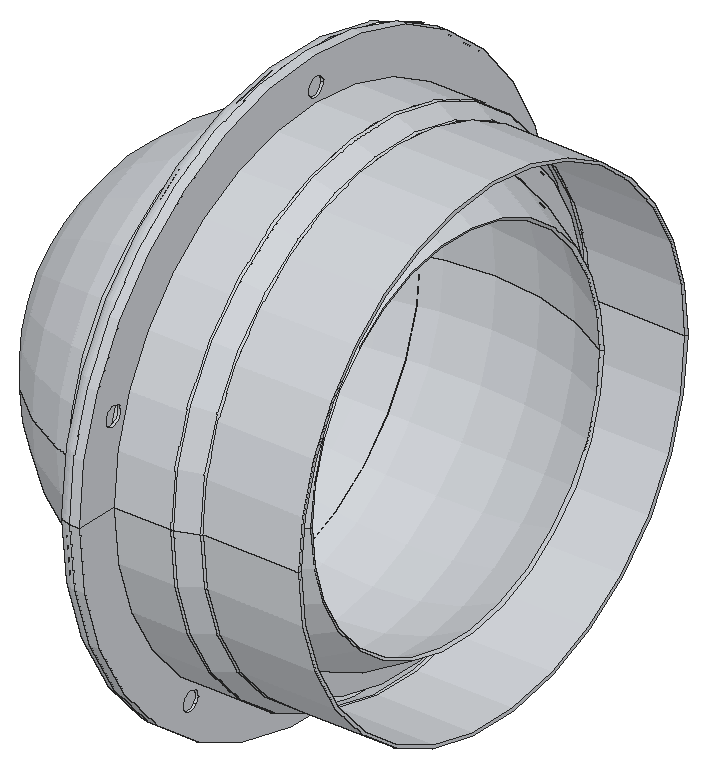
Revit family "05121_KRMM", category Air Terminals, Revit 2012
Parameters (values of type "Diámetro 06"")
  Visible_Texto = or(or(Medida_Requerida < 6", Medida_Requerida > 20"), not(or(Medida_Requerida = 6", Medida_Requerida = 8", Medida_Requerida = 10", Medida_Requerida = 12", Medida_Requerida = 14", Medida_Requerida = 16", Medida_Requerida = 18", Medida_Requerida = 20")))  # no
  Var1 = roundup(Medida_Requerida / 2") * 2  # 6
  URL = "https://www.innes.com.mx"
  Type Comments = "Tipo tobera"
  Tipo de Cuello = "Redondo"
  Posición de Instalación = "Muro/Techo"
  Nota1 = if(Medida_Requerida < 6", "Tamaño por debajo del valor mínimo de 6 in", if(Medida_Requerida > 20", "Tamaño excede el valor máximo de 20 in", if(not(or(Medida_Requerida = 6", Medida_Requerida = 8", Medida_Requerida = 10", Medida_Requerida = 12", Medida_Requerida = 14", Medida_Requerida = 16", Medida_Requerida = 18", Medida_Requerida = 20")), "Tamaño no Válido. Seleccione Tamaño del menu desplegable", ".")))  # "."
  Model = "KRMM"
  Medida_Requerida = 6"
  VarA = if((Var1 * 1") = 6", 6 1/4", if((Var1 * 1") = 8", 8 1/4", if((Var1 * 1") = 10", 10 1/4", if((Var1 * 1") = 12", 12 1/4", if((Var1 * 1") = 14", 12 1/4", if((Var1 * 1") = 16", 16 1/4", if((Var1 * 1") = 18", 20 1/4", if((Var1 * 1") = 20", 20 1/4", 6 1/4"))))))))  # 6 1/4"
  Material = "Aluminio"
  Manufacturer = "INNES"
  Función = "Inyección"
  Description = "Difusor de Largo alcance"
  Cuello Mín-Máx. = "6 a 20\" en incrementos de 2\"."
  Conect = VarA / 2  # 3 1/8"
Types (9): name | Var1 | Medida_Requerida | VarA | Conect
  (no name) | 6 | 6" | 6 1/4" | 3 1/8"
  Diámetro 06" | 6 | 6" | 6 1/4" | 3 1/8"
  Diámetro 08" | 8 | 8" | 8 1/4" | 4 1/8"
  Diámetro 10" | 10 | 10" | 10 1/4" | 5 1/8"
  Diámetro 12" | 12 | 12" | 12 1/4" | 6 1/8"
  Diámetro 14" | 14 | 14" | 12 1/4" | 6 1/8"
  Diámetro 16" | 16 | 16" | 16 1/4" | 8 1/8"
  Diametro 18" | 18 | 18" | 20 1/4" | 10 1/8"
  Diámetro 20" | 20 | 20" | 20 1/4" | 10 1/8"
Reference planes (in)
  plane 1 "Center (Front/Back)": y = 0
  plane 2: z = 0
  plane 3 "Center (Left/Right)": x = 0
Dimensions and locks (in)
  aligned and locked: plane 3 "Center (Left/Right)" to nested 1
Nested families (in)
  nested 1: "KRMM" at (-4.93, 0, 0), type "Diámetro 06""
    with Var5 1/4", Var4 11/64", Var3 27/32", Var2 229/256", Var1 6, Radio_Barre 3.425", Medida_Requerida 6", Cota_F 7.59", Cota_E 6 1/4", Cota_D 2.28", Cota_C 4.93", Cota_B 2.88", Cota_A 6.85"
  nested 2: "Texto_KRMM" at (-47.96753, -27.542, 0) x (0, -1, 0) z (0, 0, 1), type "texto"
    with Visible_Texto no
Connectors (in)
  hvac at (0, 0, 0), driven by "Conect"
    settings: index 1, duct flow 0.0 L/s, flow factor 0, pres drop 0.0 Pa, loss coef 0, conn angle 0.00°, conn width 304.8 mm, conn height 304.8 mm, conn radius 79.375 mm, duct sys type 1, conn prof type 0, flow config 0, flow direction 0, loss method 0, conn ref index -1, conn util no, is conn primary yes, conn desc ""
Definition of nested family "KRMM"
  Parameters (values of type "Tamaño 12"")
    Var5 = if((Var1 * 1") = 6", 1/4", if((Var1 * 1") = 8", 11/16", if((Var1 * 1") = 10", 5/16", if((Var1 * 1") = 12", 7/16", if((Var1 * 1") = 14", 1 5/16", if((Var1 * 1") = 16", 1/2", if((Var1 * 1") = 18", 1 1/4", if((Var1 * 1") = 20", 3/16", 1/4"))))))))  # 7/16"
    Var4 = if((Var1 * 1") = 6", 11/64", if((Var1 * 1") = 8", 5/16", if((Var1 * 1") = 10", 1/8", if((Var1 * 1") = 12", 1/4", if((Var1 * 1") = 14", 3/16", if((Var1 * 1") = 16", 1/4", if((Var1 * 1") = 18", 1", if((Var1 * 1") = 20", 5/16", 11/64"))))))))  # 1/4"
    Var3 = if((Var1 * 1") = 6", 27/32", if((Var1 * 1") = 8", 7/8", if((Var1 * 1") = 10", 1 45/128", if((Var1 * 1") = 12", 1 51/256", if((Var1 * 1") = 14", 1 1/8", if((Var1 * 1") = 16", 1 1/2", if((Var1 * 1") = 18", 1", if((Var1 * 1") = 20", 5/8", 27/32"))))))))  # 1 51/256"
    Var2 = if((Var1 * 1") = 6", 229/256", if((Var1 * 1") = 8", 229/256", if((Var1 * 1") = 10", 1 77/256", if((Var1 * 1") = 12", 1 51/256", if((Var1 * 1") = 14", 1 1/16", if((Var1 * 1") = 16", 1 1/2", if((Var1 * 1") = 18", 1", if((Var1 * 1") = 20", 5/8", 229/256"))))))))  # 1 51/256"
    Var1 = roundup(Medida_Requerida / 2") * 2  # 12
    Radio_Barre = Cota_A / 2  # 6.695"
    Medida_Requerida = 12"
    Cota_F = if((Var1 * 1") = 6", 7.59", if((Var1 * 1") = 8", 9.81", if((Var1 * 1") = 10", 12.72", if((Var1 * 1") = 12", 14.31", if((Var1 * 1") = 14", 14.31", if((Var1 * 1") = 16", 18 3/4", if((Var1 * 1") = 18", 21.13", if((Var1 * 1") = 20", 21.12", 7.59"))))))))  # 14.31"
    Cota_E = if((Var1 * 1") = 6", 6 1/4", if((Var1 * 1") = 8", 8 1/4", if((Var1 * 1") = 10", 10 1/4", if((Var1 * 1") = 12", 12 1/4", if((Var1 * 1") = 14", 12 1/4", if((Var1 * 1") = 16", 16 1/4", if((Var1 * 1") = 18", 20 1/4", if((Var1 * 1") = 20", 20 1/4", 6 1/4"))))))))  # 12 1/4"
    Cota_D = if((Var1 * 1") = 6", 2.28", if((Var1 * 1") = 8", 2 1/2", if((Var1 * 1") = 10", 3 3/4", if((Var1 * 1") = 12", 4.47", if((Var1 * 1") = 14", 4.47", if((Var1 * 1") = 16", 5.41", if((Var1 * 1") = 18", 5 3/4", if((Var1 * 1") = 20", 5 3/4", 2.28"))))))))  # 4.47"
    Cota_C = if((Var1 * 1") = 6", 4.93", if((Var1 * 1") = 8", 6.39", if((Var1 * 1") = 10", 8.69", if((Var1 * 1") = 12", 9.86", if((Var1 * 1") = 14", 9.37", if((Var1 * 1") = 16", 12.71", if((Var1 * 1") = 18", 13.92", if((Var1 * 1") = 20", 13", 4.93"))))))))  # 9.86"
    Cota_B = if((Var1 * 1") = 6", 2.88", if((Var1 * 1") = 8", 3.89", if((Var1 * 1") = 10", 5.53", if((Var1 * 1") = 12", 6 1/2", if((Var1 * 1") = 14", 7 1/2", if((Var1 * 1") = 16", 9", if((Var1 * 1") = 18", 10.21", if((Var1 * 1") = 20", 11.74", 2.88"))))))))  # 6 1/2"
    Cota_A = if((Var1 * 1") = 6", 6.85", if((Var1 * 1") = 8", 8.98", if((Var1 * 1") = 10", 11.89", if((Var1 * 1") = 12", 13.39", if((Var1 * 1") = 14", 13.39", if((Var1 * 1") = 16", 17.57", if((Var1 * 1") = 18", 20.13", if((Var1 * 1") = 20", 20.14", 6.85"))))))))  # 13.39"
  Types (9): name | Var5 | Var4 | Var3 | Var2 | Var1 | Radio_Barre | Medida_Requerida | Cota_F | Cota_E | Cota_D | Cota_C | Cota_B | Cota_A
    (no name) | 7/16" | 1/4" | 1 51/256" | 1 51/256" | 12 | 6.695" | 12" | 14.31" | 12 1/4" | 4.47" | 9.86" | 6 1/2" | 13.39"
    Tamaño 06" | 1/4" | 11/64" | 27/32" | 229/256" | 6 | 3.425" | 6" | 7.59" | 6 1/4" | 2.28" | 4.93" | 2.88" | 6.85"
    Tamaño 08" | 11/16" | 5/16" | 7/8" | 229/256" | 8 | 4.49" | 8" | 9.81" | 8 1/4" | 2 1/2" | 6.39" | 3.89" | 8.98"
    Tamaño 10" | 5/16" | 1/8" | 1 45/128" | 1 77/256" | 10 | 5.945" | 10" | 12.72" | 10 1/4" | 3 3/4" | 8.69" | 5.53" | 11.89"
    Tamaño 12" | 7/16" | 1/4" | 1 51/256" | 1 51/256" | 12 | 6.695" | 12" | 14.31" | 12 1/4" | 4.47" | 9.86" | 6 1/2" | 13.39"
    Tamaño 14" | 1 5/16" | 3/16" | 1 1/8" | 1 1/16" | 14 | 6.695" | 14" | 14.31" | 12 1/4" | 4.47" | 9.37" | 7 1/2" | 13.39"
    Tamaño 16" | 1/2" | 1/4" | 1 1/2" | 1 1/2" | 16 | 8.785" | 16" | 18 3/4" | 16 1/4" | 5.41" | 12.71" | 9" | 17.57"
    Tamaño 18" | 1 1/4" | 1" | 1" | 1" | 18 | 10.065" | 18" | 21.13" | 20 1/4" | 5 3/4" | 13.92" | 10.21" | 20.13"
    Tamaño 20" | 3/16" | 5/16" | 5/8" | 5/8" | 20 | 10.07" | 20" | 21.12" | 20 1/4" | 5 3/4" | 13" | 11.74" | 20.14"
  Reference planes (in)
    plane 1 "Center (Front/Back)": y = 0
    plane 2: z = 0
    plane 3 "Center (Left/Right)": x = 0
    plane 4: y = 3.25
    plane 5: y = -3.25
    plane 6: x = 9.86
    plane 7: x = 5.39
    plane 8: y = 6.125
    plane 9: y = -6.125
    plane 10: x = 5.05406
    plane 11: y = 7.155
    plane 12: y = -7.155
  Forms (in)
    Revolve 1, solid
      sketch origin (0, 3.04338, 0) x (1, 0, 0) y (0, 1, 0)
        loop
          arc (0.03595, 0.19272) -> (4.31927, 2.65162) -> (9.00282, 1.08403) r 6.02842
          line (9.00282, 1.08403) -> (9.02387, 1.11532)
          arc (9.02387, 1.11532) -> (4.30782, 2.68794) -> (0, 0.20662) r 6.0657
          arc (0, 0.20662) -> (0.01743, 0.19825) -> (0.03595, 0.19272) r 0.1225
        axis (0, -3.04338) -> (9.02387, -3.04338)
      angle from 0 to 360
    Revolve 2, solid
      sketch origin (0, 0, 0) x (1, 0, 0) y (0, 1, 0)
        loop
          line (9.86, 6.125) -> (6.43961, 6.125)
          arc (6.43961, 6.125) -> (6.42239, 6.12681) -> (6.40592, 6.13218) r 0.08265
          line (6.40592, 6.13218) -> (6.15744, 6.24311)
          arc (6.15744, 6.24311) -> (6.14163, 6.24826) -> (6.12509, 6.25) r 0.07935
          line (6.12509, 6.25) -> (5.39, 6.25) -> (5.39, 6.21484) -> (6.13451, 6.21484) -> (6.39159, 6.10008)
          arc (6.39159, 6.10008) -> (6.41506, 6.09243) -> (6.43961, 6.08984) r 0.11781
          line (6.43961, 6.08984) -> (9.86, 6.08984) -> (9.86, 6.125)
        axis (5.39, 0) -> (9.86, 0)
      angle from 0 to 360
    Revolve 3, solid
      sketch origin (0, 0, 0) x (1, 0, 0) y (0, 1, 0)
        loop
          line (6.484, 5.51828) -> (6.484, 5.95578)
          arc (6.484, 5.95578) -> (5.93845, 6.01262) -> (5.39, 6.02038) r 6.11918
          line (5.39, 6.02038) -> (5.39, 7.155) -> (5.25935, 7.155)
          arc (5.25935, 7.155) -> (5.11419, 7.09487) -> (5.05406, 6.94972) r 0.20528
          line (5.05406, 6.94972) -> (5.05406, 6.02517)
          arc (5.05406, 6.02517) -> (4.78627, 5.99633) -> (4.52, 5.95578) r 6.14345
          line (4.52, 5.95578) -> (4.52, 5.70578) -> (4.55516, 5.70578) -> (4.55516, 5.92994)
          arc (4.55516, 5.92994) -> (4.82146, 5.96869) -> (5.08922, 5.99569) r 6.1164
          line (5.08922, 5.99569) -> (5.08922, 6.94972)
          arc (5.08922, 6.94972) -> (5.13905, 7.07001) -> (5.25935, 7.11984) r 0.17013
          line (5.25935, 7.11984) -> (5.35484, 7.11984) -> (5.35484, 5.988)
          arc (5.35484, 5.988) -> (5.90316, 5.98338) -> (6.44884, 5.92944) r 6.088
          line (6.44884, 5.92944) -> (6.44884, 5.51828) -> (6.484, 5.51828)
        axis (4.52, 0) -> (6.484, 0)
      angle from 0 to 360
    Extrusion 4, void
      sketch origin (0, 0, 3.22523) x (0, 1, 0) y (0, 0, 1)
        loop
          circle (0, 3.46977) r 0.125
      from 0 to 12
    Extrusion 5, void, not visible
      sketch origin (0, 0, 0) x (0, 1, 0) y (0, 0, 1)
        loop
          circle (0, 3.46977) r 0.125
      from 0 to 12
    Extrusion 6, void
      sketch origin (0, -3.06737, 0.99665) x (0, 0.309017, 0.951057) y (0, -0.951057, 0.309017)
        loop
          circle (0, 3.46977) r 0.125
      from 0 to 12
    Extrusion 7, void
      sketch origin (0, 3.06737, 0.99665) x (0, 0.309017, -0.951057) y (0, 0.951057, 0.309017)
        loop
          circle (0, 3.46977) r 0.125
      from 0 to 12
    Extrusion 8, void
      sketch origin (0, 1.89574, -2.60926) x (0, -0.809017, -0.587785) y (0, 0.587785, -0.809017)
        loop
          circle (0, 3.46977) r 0.125
      from 0 to 12
    Extrusion 9, void
      sketch origin (0, -1.89574, -2.60926) x (0, -0.809017, 0.587785) y (0, -0.587785, -0.809017)
        loop
          circle (0, 3.46977) r 0.125
      from 0 to 12
  Cuts and joins
    Extrusion 4, Extrusion 6, Extrusion 7, Extrusion 8, Extrusion 9 cuts Revolve 3
  Dimensions and locks (in)
    "Cota_B": plane 4 to plane 5
    equal spacing: plane 4, plane 1 "Center (Front/Back)", plane 5
    "Cota_C": plane 6 to plane 3 "Center (Left/Right)"
    "Cota_D": plane 7 to plane 6
    equal spacing: plane 9, plane 1 "Center (Front/Back)", plane 8
    "Cota_E": plane 9 to plane 8
    "Cota_F": plane 12 to plane 11
    equal spacing: plane 12, plane 1 "Center (Front/Back)", plane 11
    "Var2": Revolve 3 sketch curve to plane 11
    "Var3": Revolve 3 sketch curve to plane 11
    locked: plane 10 to plane 7 at 0.33594
    "Var4": Revolve 3 sketch curve to Revolve 3 sketch curve
    "Var5": Revolve 3 sketch curve to Revolve 3 sketch curve
    "Radio_Barre": radius of radial array
    aligned and locked: Revolve 1 to plane 3 "Center (Left/Right)"
    aligned and locked: plane 4 to Revolve 1
    aligned and locked: Revolve 2 sketch curve to plane 6
    aligned and locked: plane 7 to Revolve 2
    aligned and locked: Revolve 2 sketch curve to plane 8
    aligned and locked: plane 7 to Revolve 3 sketch curve
    aligned and locked: Revolve 3 sketch curve to plane 11
    aligned and locked: Revolve 3 sketch curve to plane 10
  Automatic sketch dimensions
    Revolve 1 sketch curve to Revolve 1 sketch curve = 0"  (x2)
    Revolve 1 sketch curve to plane 3 "Center (Left/Right)" = 0"  (x2)
    plane 1 "Center (Front/Back)" to Revolve 1 sketch curve = 0"
    Revolve 1 sketch curve to plane 4 = 0"
    Revolve 1 sketch curve to plane 4 = 0.01391"
    plane 3 "Center (Left/Right)" to Revolve 1 sketch curve = 0.03595"
    plane 3 "Center (Left/Right)" to Revolve 1 sketch curve = 0.06161"
    plane 1 "Center (Front/Back)" to Revolve 1 sketch curve = 0.30386"
    plane 4 to Revolve 1 sketch curve = 0.87741"
    plane 4 to Revolve 1 sketch curve = 0.9087"
    Revolve 1 sketch curve to Revolve 1 sketch curve = 0.02105"
    Revolve 1 sketch curve to Revolve 1 sketch curve = 3.06"
    Revolve 2 sketch curve to Revolve 2 sketch curve = 0"  (x2)
    plane 1 "Center (Front/Back)" to Revolve 2 sketch curve = 0"
    Revolve 2 sketch curve to plane 3 "Center (Left/Right)" = 0"
    Revolve 2 sketch curve to plane 6 = 4.47"
    Revolve 2 sketch curve to Revolve 2 sketch curve = 0.73509"
    Revolve 2 sketch curve to Revolve 2 sketch curve = 0.00942"
    Revolve 2 sketch curve to Revolve 2 sketch curve = 0.03235"
    Revolve 2 sketch curve to Revolve 2 sketch curve = 0.23415"
    Revolve 2 sketch curve to Revolve 2 sketch curve = 0.01433"
    Revolve 2 sketch curve to Revolve 2 sketch curve = 0.03369"
    plane 6 to Revolve 2 sketch curve = 0.95965"
    Revolve 2 sketch curve to Revolve 2 sketch curve = 0.01023"
    Revolve 2 sketch curve to Revolve 2 sketch curve = 9/256"
    Revolve 2 sketch curve to Revolve 2 sketch curve = 0.07058"
    Revolve 2 sketch curve to Revolve 2 sketch curve = 0.04419"
    Revolve 2 sketch curve to Revolve 2 sketch curve = 0.02826"
    Revolve 3 sketch curve to Revolve 3 sketch curve = 0"  (x6)
    plane 1 "Center (Front/Back)" to Revolve 3 sketch curve = 0"
    Revolve 3 sketch curve to plane 3 "Center (Left/Right)" = 0"
    Revolve 3 sketch curve to plane 10 = 0.53406"
    Revolve 3 sketch curve to Revolve 3 sketch curve = 9/256"  (x3)
    Revolve 3 sketch curve to plane 7 = 0.13065"
    Revolve 3 sketch curve to plane 7 = 9/256"
    plane 1 "Center (Front/Back)" to Revolve 3 sketch curve = 0.10188"
    plane 7 to Revolve 3 sketch curve = 0.17883"
    Revolve 3 sketch curve to Revolve 3 sketch curve = 0.00894"
    plane 7 to Revolve 3 sketch curve = 1.05884"
    plane 6 to Revolve 3 sketch curve = 2 1/8"
    Revolve 3 sketch curve to Revolve 3 sketch curve = 0.00596"
    Revolve 3 sketch curve to Revolve 3 sketch curve = 0.02584"
    Revolve 3 sketch curve to Revolve 3 sketch curve = 0.02634"
    radius of Extrusion 4 sketch curve = 1/8"
    radius of Extrusion 5 sketch curve = 1/8"
    radius of Extrusion 6 sketch curve = 1/8"
    radius of Extrusion 7 sketch curve = 1/8"
    radius of Extrusion 8 sketch curve = 1/8"
    radius of Extrusion 9 sketch curve = 1/8"
Definition of nested family "Texto_KRMM"
  Parameters (values of type "texto")
    texto = "Medida excede el valor máximo de 10."
    Visible_Texto = yes
    Color = rojo
  Reference planes (in)
    plane 1 "Center (Front/Back)": y = 0
    plane 2: z = 0
    plane 3 "Center (Left/Right)": x = 0
